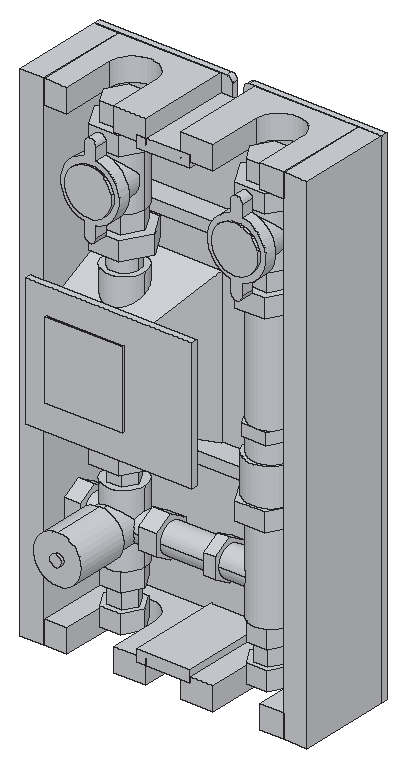
Revit family "330_b01781f8ace54c02891a9181cc79d8", category Mechanical Equipment, Revit 2022
Family settings
  Round Connector Dimension = Use Diameter
  Classification = None
  Part Type = Normal
  Work Plane-Based = No
  Always vertical = Yes
  Cut with Voids When Loaded = No
  Maintain Annotation Orientation = No
  Shared = No
  Room Calculation Point = No
Parameters (values of type "2174 1180EA")
  magiProductId = "b01781f8ace54c02891a9181cc79d8"
  magiProductFamilyId = "b01781f8ace54c02891a9181cc79d8"
  magiPartTypeId = 330
  XC = 62.5 mm
  WL = 225 mm
  W2L__ve = -W2L  # -80 mm
  W2L = 80 mm
  W2 = 85 mm
  W = 170 mm
  VersionID = "2.0/2019.5.23.1/FAR_2174_001"
  R25 = 25.5 mm
  R2 = 12.5 mm
  R15 = 17.5 mm
  R13 = 20.5 mm
  R1 = 12.5 mm
  QmdConnectorList = "301;P2;302;P2;303;P1;304;P1"
  Productdata [instance] = "© MagiCAD Group, all rights reserved"
  PL = 48.571 mm
  P2 = 25 mm
  P1 = 25 mm
  Manufacturer = "FAR"
  MC Shunt Valve Configuration = 0
  MC Shunt Control Valve Location = 0
  MC Product Code = "2174 1180EA"
  MC Primary Sizing Flow [instance] = 0.0 L/s
  MC Primary Given Pressure Drop [instance] = 0.0 Pa
  MC Piping Secondary Pressure Drop [instance] = 0.0 Pa
  MC Piping Secondary Flow [instance] = 0.0 L/s
  MC Piping Flow [instance] = 0.0 L/s
  MC Control Valve kv [instance] = 0
  MC Control Valve Pressure Drop [instance] = 0.0 Pa
  MC Balancing Valve kv [instance] = 0
  MC Balancing Valve Pressure Drop [instance] = 0.0 Pa
  MC Adjustable Valve kv for min dp [instance] = 0
  MC Adjustable Valve kv for max dp [instance] = 0
  MC Adjustable Valve Min Pressure Drop [instance] = 0.0 Pa
  MC Adjustable Valve Max Pressure Drop [instance] = 0.0 Pa
  LH92 = 24.111 mm
  LH9 = 48.222 mm
  LH62 = 31 mm
  LH61 = 94 mm
  LH6 = 62 mm
  LH48 = 141.778 mm
  LH44 = 111.778 mm
  LH42 = 65.889 mm
  LH4 = 131.778 mm
  L5 = 5 mm
  L45__ve = -L45  # -45 mm
  L45 = 45 mm
  L30 = 32 mm
  L22__ve = -L22  # -5 mm
  L222__ve = -L222  # -2 mm
  L222 = 2 mm
  L22 = 5 mm
  L20__ve = -L20  # -20 mm
  L20 = 20 mm
  L2 = 122.5 mm
  L15__ve = -L15  # -16 mm
  L15 = 16 mm
  L10__ve = -L10  # -10 mm
  L10 = 10 mm
  L = 245 mm
  KH = 15 mm
  H2 = 217 mm
  H = 434 mm
  Description = "Booster unit, thermostatic, pump 1-8m, shut-off valv., 180mm"
  Default Elevation = 0 mm
  CenSd_R25_6 = R25 * cos(30.00°)  # 22.084 mm
  CenSd_R1_6 = R1 * cos(30.00°)  # 10.825 mm
  CenSd_R15_6 = R15 * cos(30.00°)  # 15.155 mm
  CenSd_R13_6 = R13 * cos(30.00°)  # 17.754 mm
  CAT0 = yes
  CAT = no
Reference planes
  plane 1 "Center (Front/Back)": y = 0
  plane 2 "XYPLANE": z = 0
  plane 3 "Center (Left/Right)": x = 0
  plane 4 "380": z = 201
  plane 5 "379": z = -11
  plane 6 "376": z = -43
  plane 7 "373": y = -120
  plane 8 "372": x = 27.5
  plane 9 "369": x = -22.5
  plane 10 "368": x = -87.5
  plane 11 "358": y = -85
  plane 12 "350": z = -70
  plane 13 "347": z = 109.778
  plane 14 "342": x = 15
  plane 15 "341": x = 82.5
  plane 16 "340": x = 42.5
  plane 17 "339": x = 102.5
  plane 18 "331": y = -40
  plane 19 "330": y = -5
  plane 20 "329": y = -85
  plane 21 "328": x = -82.5
  plane 22 "327": x = -42.5
  plane 23 "326": x = -15
  plane 24 "325": x = -102.5
  plane 25 "323": x = 112.5
  plane 26 "319": y = -5
  plane 27 "318": x = -112.5
  plane 28 "311": z = -122
  plane 29 "304": x = 57.5
  plane 30 "303": x = 67.5
  plane 31 "296": y = -85
  plane 32 "290": z = 109.889
  plane 33 "289": z = 179.889
  plane 34 "288": z = 144.889
  plane 35 "287": x = -67.5
  plane 36 "286": x = -57.5
  plane 37 "285": z = 119.889
  plane 38 "284": z = 169.889
  plane 39 "281": y = -90
  plane 40 "277": x = -42.5
  plane 41 "274": y = -75
  plane 42 "272": z = 6.889
  plane 43 "271": y = -15
  plane 44 "243": z = 88.778
  plane 45 "240": z = 185
  plane 46 "239": z = 169
  plane 47 "238": z = 120.778
  plane 48 "231": z = 104.778
  plane 49 "228": z = 72.778
  plane 50 "225": z = -59
  plane 51 "222": z = -75
  plane 52 "219": z = -153
  plane 53 "216": z = -91
  plane 54 "215": z = -169
  plane 55 "210": z = -185
  plane 56 "207": z = -201
  plane 57 "202": x = -5
  plane 58 "201": x = 5
  plane 59 "200": x = 122.5
  plane 60 "199": z = -197
  plane 61 "198": z = 197
  plane 62 "126": y = -48.571
  plane 63 "121": x = 62.5
  plane 64 "116": x = -62.5
  plane 65 "84": z = -217
  plane 66 "83": z = 217
  plane 67 "82": x = -122.5
  plane 68 "43": y = 0
  plane 69 "42": x = 0
  plane 70 "41": z = 0
Forms (mm)
  Extrusion 1, solid
    sketch origin (-750, 0, -11) x (1, 0, 0) y (0, 1, 0)
      loop
        line (833, -48.571) -> (822.75, -30.818) -> (802.25, -30.818) -> (792, -48.571) -> (802.25, -66.325) -> (822.75, -66.325) -> (833, -48.571)
    from 0 to 10 <- "L10"
  Extrusion 2, solid
    sketch origin (750, -120, 0) x (-1, 0, 0) y (0, 0, 1)
      loop
        circle (812.5, -122) r 5
    from 0 to -2 <- "L222__ve"
  Extrusion 3, solid
    sketch origin (27.5, -750, 0) x (0, 1, 0) y (0, 0, 1)
      loop
        line (701.429, -104.5) -> (686.273, -113.25) -> (686.273, -130.75) -> (701.429, -139.5) -> (716.584, -130.75) -> (716.584, -113.25) -> (701.429, -104.5)
    from 0 to -10 <- "L10__ve"
  Extrusion 4, solid
    sketch origin (-22.5, -750, 0) x (0, 1, 0) y (0, 0, 1)
      loop
        line (701.429, -104.5) -> (686.273, -113.25) -> (686.273, -130.75) -> (701.429, -139.5) -> (716.584, -130.75) -> (716.584, -113.25) -> (701.429, -104.5)
    from 0 to -16 <- "L15__ve"
  Extrusion 5, solid
    sketch origin (-87.5, -750, 0) x (0, 1, 0) y (0, 0, 1)
      loop
        line (701.429, -104.5) -> (686.273, -113.25) -> (686.273, -130.75) -> (701.429, -139.5) -> (716.584, -130.75) -> (716.584, -113.25) -> (701.429, -104.5)
    from 0 to -16 <- "L15__ve"
  Extrusion 6, solid
    sketch origin (62.5, -750, 0) x (0, 1, 0) y (0, 0, 1)
      loop
        circle (701.429, -122) r 12.5
    from 0 to -150
  Extrusion 7, solid
    sketch origin (750, -75, 0) x (-1, 0, 0) y (0, 0, 1)
      loop
        circle (812.5, -122) r 20.5
    from 0 to -45 <- "L45__ve"
  Extrusion 8, solid
    sketch origin (750, -5, 0) x (-1, 0, 0) y (0, 0, 1)
      loop
        line (727.5, -192) -> (727.5, -202) -> (772.5, -202) -> (772.5, -192) -> (727.5, -192)
    from 0 to -80 <- "W2L__ve"
  Extrusion 9, solid
    sketch origin (750, -5, 0) x (-1, 0, 0) y (0, 0, 1)
      loop
        line (727.5, 202) -> (727.5, 192) -> (772.5, 192) -> (772.5, 202) -> (727.5, 202)
    from 0 to -80 <- "W2L__ve"
  Extrusion 10, solid
    sketch origin (750, -5, 0) x (-1, 0, 0) y (0, 0, 1)
      loop
        line (862.5, -65) -> (637.5, -65) -> (637.5, -75) -> (862.5, -75) -> (862.5, -65)
    from 0 to -20 <- "L20__ve"
  Extrusion 11, solid
    sketch origin (750, -5, 0) x (-1, 0, 0) y (0, 0, 1)
      loop
        line (862.5, 114.778) -> (637.5, 114.778) -> (637.5, 104.778) -> (862.5, 104.778) -> (862.5, 114.778)
    from 0 to -20 <- "L20__ve"
  Extrusion 12, solid
    sketch origin (-750, 0, -217) x (1, 0, 0) y (0, 1, 0)
      loop
        line (765, -5) -> (765, -85) -> (792.5, -85) -> (792.5, -40)
        arc (792.5, -40) -> (812.5, -20) -> (832.5, -40) r 20
        line (832.5, -40) -> (832.5, -85) -> (852.5, -85) -> (852.5, -5) -> (765, -5)
    from 0 to 20 <- "L20"
  Extrusion 13, solid
    sketch origin (-750, 0, 217) x (1, 0, 0) y (0, 1, 0)
      loop
        line (765, -5) -> (765, -85) -> (792.5, -85) -> (792.5, -40)
        arc (792.5, -40) -> (812.5, -20) -> (832.5, -40) r 20
        line (832.5, -40) -> (832.5, -85) -> (852.5, -85) -> (852.5, -5) -> (765, -5)
    from 0 to -20 <- "L20__ve"
  Extrusion 14, solid
    sketch origin (-750, 0, -217) x (1, 0, 0) y (0, 1, 0)
      loop
        line (647.5, -5) -> (647.5, -85) -> (667.5, -85) -> (667.5, -40)
        arc (667.5, -40) -> (687.5, -20) -> (707.5, -40) r 20
        line (707.5, -40) -> (707.5, -85) -> (735, -85) -> (735, -5) -> (647.5, -5)
    from 0 to 20 <- "L20"
  Extrusion 15, solid
    sketch origin (-750, 0, 217) x (1, 0, 0) y (0, 1, 0)
      loop
        line (647.5, -5) -> (647.5, -85) -> (667.5, -85) -> (667.5, -40)
        arc (667.5, -40) -> (687.5, -20) -> (707.5, -40) r 20
        line (707.5, -40) -> (707.5, -85) -> (735, -85) -> (735, -5) -> (647.5, -5)
    from 0 to -20 <- "L20__ve"
  Extrusion 16, solid
    sketch origin (750, -5, 0) x (-1, 0, 0) y (0, 0, 1)
      loop
        line (627.5, 217) -> (627.5, -217) -> (647.5, -217) -> (647.5, 217) -> (627.5, 217)
    from 0 to -80 <- "W2L__ve"
  Extrusion 17, solid
    sketch origin (750, -5, 0) x (-1, 0, 0) y (0, 0, 1)
      loop
        line (852.5, 217) -> (852.5, -217) -> (872.5, -217) -> (872.5, 217) -> (852.5, 217)
    from 0 to -80 <- "W2L__ve"
  Extrusion 18, solid
    sketch origin (750, -75, 0) x (-1, 0, 0) y (0, 0, 1)
      loop
        circle (812.5, -122) r 17.5
    from 0 to 20 <- "L20"
  Extrusion 19, solid
    sketch origin (750, -75, 0) x (-1, 0, 0) y (0, 0, 1)
      loop
        line (692.5, 109.889) -> (692.5, 119.889)
        arc (692.5, 119.889) -> (712.5, 144.889) -> (692.5, 169.889) r 25.625
        line (692.5, 169.889) -> (692.5, 179.889)
        arc (692.5, 179.889) -> (687.5, 184.889) -> (682.5, 179.889) r 5
        line (682.5, 179.889) -> (682.5, 169.889)
        arc (682.5, 169.889) -> (662.5, 144.889) -> (682.5, 119.889) r 25.625
        line (682.5, 119.889) -> (682.5, 109.889)
        arc (682.5, 109.889) -> (687.5, 104.889) -> (692.5, 109.889) r 5
    from 0 to -10 <- "L10__ve"
  Extrusion 20, solid
    sketch origin (750, -75, 0) x (-1, 0, 0) y (0, 0, 1)
      loop
        circle (687.5, 144.889) r 17.5
    from 0 to 20 <- "L20"
  Extrusion 21, solid
    sketch origin (750, -85, 0) x (-1, 0, 0) y (0, 0, 1)
      loop
        circle (687.5, 144.889) r 20
    from 0 to -2 <- "L222__ve"
  Extrusion 22, solid
    sketch origin (750, -85, 0) x (-1, 0, 0) y (0, 0, 1)
      loop
        circle (812.5, 144.889) r 20
    from 0 to -2 <- "L222__ve"
  Extrusion 23, solid
    sketch origin (750, -75, 0) x (-1, 0, 0) y (0, 0, 1)
      loop
        circle (812.5, 144.889) r 17.5
    from 0 to 20 <- "L20"
  Extrusion 24, solid
    sketch origin (750, -75, 0) x (-1, 0, 0) y (0, 0, 1)
      loop
        line (817.5, 109.889) -> (817.5, 119.889)
        arc (817.5, 119.889) -> (837.5, 144.889) -> (817.5, 169.889) r 25.625
        line (817.5, 169.889) -> (817.5, 179.889)
        arc (817.5, 179.889) -> (812.5, 184.889) -> (807.5, 179.889) r 5
        line (807.5, 179.889) -> (807.5, 169.889)
        arc (807.5, 169.889) -> (787.5, 144.889) -> (807.5, 119.889) r 25.625
        line (807.5, 119.889) -> (807.5, 109.889)
        arc (807.5, 109.889) -> (812.5, 104.889) -> (817.5, 109.889) r 5
    from 0 to -10 <- "L10__ve"
  Extrusion 25, solid
    sketch origin (750, -90, 0) x (-1, 0, 0) y (0, 0, 1)
      loop
        line (779.556, 39.833) -> (779.556, -26.056) -> (845.444, -26.056) -> (845.444, 39.833) -> (779.556, 39.833)
    from 0 to -2
  Extrusion 26, solid
    sketch origin (750, -85, 0) x (-1, 0, 0) y (0, 0, 1)
      loop
        line (721.611, 62.778) -> (721.611, -49) -> (863.389, -49) -> (863.389, 62.778) -> (721.611, 62.778)
    from 0 to -5 <- "L22__ve"
  Blend 27, solid
    base sketch origin (750, -15, 0) x (-1, 0, 0) y (0, 0, 1)
      loop
        line (756.611, 72.778) -> (756.611, -59) -> (868.389, -59) -> (868.389, 72.778) -> (756.611, 72.778)
    top sketch origin (750, -15, 0) x (-1, 0, 0) y (0, 0, 1)
      loop
        line (779.556, 39.833) -> (779.556, -26.056) -> (845.444, -26.056) -> (845.444, 39.833) -> (779.556, 39.833)
    from 0 to -70
  Extrusion 28, solid
    sketch origin (-750, 0, -201) x (1, 0, 0) y (0, 1, 0)
      loop
        line (830, -48.571) -> (821.25, -33.416) -> (803.75, -33.416) -> (795, -48.571) -> (803.75, -63.727) -> (821.25, -63.727) -> (830, -48.571)
    from 0 to 16 <- "L15"
  Extrusion 29, solid
    sketch origin (-750, 0, -185) x (1, 0, 0) y (0, 1, 0)
      loop
        line (825, -48.571) -> (818.75, -37.746) -> (806.25, -37.746) -> (800, -48.571) -> (806.25, -59.397) -> (818.75, -59.397) -> (825, -48.571)
    from 0 to 16 <- "L15"
  Extrusion 30, solid
    sketch origin (-750, 0, -169) x (1, 0, 0) y (0, 1, 0)
      loop
        line (830, -48.571) -> (821.25, -33.416) -> (803.75, -33.416) -> (795, -48.571) -> (803.75, -63.727) -> (821.25, -63.727) -> (830, -48.571)
    from 0 to 16 <- "L15"
  Extrusion 31, solid
    sketch origin (-750, 0, -153) x (1, 0, 0) y (0, 1, 0)
      loop
        circle (812.5, -48.571) r 17.5
    from 0 to 94 <- "LH61"
  Extrusion 32, solid
    sketch origin (-750, 0, -75) x (1, 0, 0) y (0, 1, 0)
      loop
        line (838, -48.571) -> (825.25, -26.488) -> (799.75, -26.488) -> (787, -48.571) -> (799.75, -70.655) -> (825.25, -70.655) -> (838, -48.571)
    from 0 to 16 <- "L15"
  Extrusion 33, solid
    sketch origin (-750, 0, -59) x (1, 0, 0) y (0, 1, 0)
      loop
        circle (812.5, -48.571) r 20.5
    from 0 to 32 <- "L30"
  Extrusion 34, solid
    sketch origin (-750, 0, 88.778) x (1, 0, 0) y (0, 1, 0)
      loop
        line (838, -48.571) -> (825.25, -26.488) -> (799.75, -26.488) -> (787, -48.571) -> (799.75, -70.655) -> (825.25, -70.655) -> (838, -48.571)
    from 0 to 16 <- "L15"
  Extrusion 35, solid
    sketch origin (-750, 0, 104.778) x (1, 0, 0) y (0, 1, 0)
      loop
        line (830, -48.571) -> (821.25, -33.416) -> (803.75, -33.416) -> (795, -48.571) -> (803.75, -63.727) -> (821.25, -63.727) -> (830, -48.571)
    from 0 to 16 <- "L15"
  Extrusion 36, solid
    sketch origin (-750, 0, 185) x (1, 0, 0) y (0, 1, 0)
      loop
        line (830, -48.571) -> (821.25, -33.416) -> (803.75, -33.416) -> (795, -48.571) -> (803.75, -63.727) -> (821.25, -63.727) -> (830, -48.571)
    from 0 to 16 <- "L15"
  Extrusion 37, solid
    sketch origin (-750, 0, 169) x (1, 0, 0) y (0, 1, 0)
      loop
        line (838, -48.571) -> (825.25, -26.488) -> (799.75, -26.488) -> (787, -48.571) -> (799.75, -70.655) -> (825.25, -70.655) -> (838, -48.571)
    from 0 to 16 <- "L15"
  Extrusion 38, solid
    sketch origin (-750, 0, 120.778) x (1, 0, 0) y (0, 1, 0)
      loop
        circle (812.5, -48.571) r 17.5
    from 0 to 48.222 <- "LH9"
  Extrusion 39, solid
    sketch origin (-750, 0, -43) x (1, 0, 0) y (0, 1, 0)
      loop
        circle (812.5, -48.571) r 17.5
    from 0 to 131.778 <- "LH4"
  Extrusion 40, solid
    sketch origin (-750, 0, 72.778) x (1, 0, 0) y (0, 1, 0)
      loop
        circle (687.5, -48.571) r 12.5
    from 0 to 16 <- "L15"
  Extrusion 41, solid
    sketch origin (-750, 0, 120.778) x (1, 0, 0) y (0, 1, 0)
      loop
        circle (687.5, -48.571) r 17.5
    from 0 to 48.222 <- "LH9"
  Extrusion 42, solid
    sketch origin (-750, 0, 169) x (1, 0, 0) y (0, 1, 0)
      loop
        line (713, -48.571) -> (700.25, -26.488) -> (674.75, -26.488) -> (662, -48.571) -> (674.75, -70.655) -> (700.25, -70.655) -> (713, -48.571)
    from 0 to 16 <- "L15"
  Extrusion 43, solid
    sketch origin (-750, 0, 185) x (1, 0, 0) y (0, 1, 0)
      loop
        line (705, -48.571) -> (696.25, -33.416) -> (678.75, -33.416) -> (670, -48.571) -> (678.75, -63.727) -> (696.25, -63.727) -> (705, -48.571)
    from 0 to 16 <- "L15"
  Extrusion 44, solid
    sketch origin (-750, 0, 104.778) x (1, 0, 0) y (0, 1, 0)
      loop
        line (705, -48.571) -> (696.25, -33.416) -> (678.75, -33.416) -> (670, -48.571) -> (678.75, -63.727) -> (696.25, -63.727) -> (705, -48.571)
    from 0 to 16 <- "L15"
  Extrusion 45, solid
    sketch origin (-750, 0, 88.778) x (1, 0, 0) y (0, 1, 0)
      loop
        line (713, -48.571) -> (700.25, -26.488) -> (674.75, -26.488) -> (662, -48.571) -> (674.75, -70.655) -> (700.25, -70.655) -> (713, -48.571)
    from 0 to 16 <- "L15"
  Extrusion 46, solid
    sketch origin (-750, 0, -59) x (1, 0, 0) y (0, 1, 0)
      loop
        circle (687.5, -48.571) r 17.5
    from 0 to 131.778 <- "LH4"
  Extrusion 47, solid
    sketch origin (-750, 0, -75) x (1, 0, 0) y (0, 1, 0)
      loop
        line (713, -48.571) -> (700.25, -26.488) -> (674.75, -26.488) -> (662, -48.571) -> (674.75, -70.655) -> (700.25, -70.655) -> (713, -48.571)
    from 0 to 16 <- "L15"
  Extrusion 48, solid
    sketch origin (-750, 0, -91) x (1, 0, 0) y (0, 1, 0)
      loop
        line (700, -48.571) -> (693.75, -37.746) -> (681.25, -37.746) -> (675, -48.571) -> (681.25, -59.397) -> (693.75, -59.397) -> (700, -48.571)
    from 0 to 16 <- "L15"
  Extrusion 49, solid
    sketch origin (-750, 0, -153) x (1, 0, 0) y (0, 1, 0)
      loop
        circle (687.5, -48.571) r 17.5
    from 0 to 62 <- "LH6"
  Extrusion 50, solid
    sketch origin (-750, 0, -169) x (1, 0, 0) y (0, 1, 0)
      loop
        line (705, -48.571) -> (696.25, -33.416) -> (678.75, -33.416) -> (670, -48.571) -> (678.75, -63.727) -> (696.25, -63.727) -> (705, -48.571)
    from 0 to 16 <- "L15"
  Extrusion 51, solid
    sketch origin (-750, 0, -185) x (1, 0, 0) y (0, 1, 0)
      loop
        line (700, -48.571) -> (693.75, -37.746) -> (681.25, -37.746) -> (675, -48.571) -> (681.25, -59.397) -> (693.75, -59.397) -> (700, -48.571)
    from 0 to 16 <- "L15"
  Extrusion 52, solid
    sketch origin (-750, 0, -201) x (1, 0, 0) y (0, 1, 0)
      loop
        line (705, -48.571) -> (696.25, -33.416) -> (678.75, -33.416) -> (670, -48.571) -> (678.75, -63.727) -> (696.25, -63.727) -> (705, -48.571)
    from 0 to 16 <- "L15"
  Extrusion 53, solid
    sketch origin (750, 0, 0) x (-1, 0, 0) y (0, 0, 1)
      loop
        line (872.5, 217) -> (760, 217)
        arc (760, 217) -> (756.464, 215.536) -> (755, 212) r 5
        line (755, 212) -> (755, 197) -> (745, 197) -> (745, 212)
        arc (745, 212) -> (743.536, 215.536) -> (740, 217) r 5
        line (740, 217) -> (627.5, 217) -> (627.5, -217) -> (740, -217)
        arc (740, -217) -> (743.536, -215.536) -> (745, -212) r 5
        line (745, -212) -> (745, -197) -> (755, -197) -> (755, -212)
        arc (755, -212) -> (756.464, -215.536) -> (760, -217) r 5
        line (760, -217) -> (872.5, -217) -> (872.5, 217)
    from 0 to -5 <- "L22__ve"
  Extrusion 54, solid, not visible
    sketch origin (-750, 0, -201) x (1, 0, 0) y (0, 1, 0)
      loop
        circle (812.5, -48.571) r 10
    from 0 to 10
  Extrusion 55, solid, not visible
    sketch origin (-750, 0, -201) x (1, 0, 0) y (0, 1, 0)
      loop
        circle (687.5, -48.571) r 10
    from 0 to 10
  Extrusion 56, solid, not visible
    sketch origin (-750, 0, 201) x (1, 0, 0) y (0, 1, 0)
      loop
        circle (812.5, -48.571) r 10
    from 0 to -10
  Extrusion 57, solid, not visible
    sketch origin (-750, 0, 201) x (1, 0, 0) y (0, 1, 0)
      loop
        circle (687.5, -48.571) r 10
    from 0 to -10
Lines and regions (mm)
  reference lines, not visible
    curve 1: circle (2, 2, 0) r 1 normal (0, 0, 1)
  reference lines
    curve 2: line (62.5, -48.571, -11) -> (57.375, -39.695, -11)
    curve 3: line (62.5, -48.571, -11) -> (52.25, -48.571, -11)
    curve 4: line (62.5, -48.571, -11) -> (57.375, -57.448, -11)
    curve 5: line (27.5, -48.571, -122) -> (27.5, -40.994, -126.375)
    curve 6: line (27.5, -48.571, -122) -> (27.5, -48.571, -130.75)
    curve 7: line (27.5, -48.571, -122) -> (27.5, -56.149, -126.375)
    curve 8: line (-22.5, -48.571, -122) -> (-22.5, -40.994, -126.375)
    curve 9: line (-22.5, -48.571, -122) -> (-22.5, -48.571, -130.75)
    curve 10: line (-22.5, -48.571, -122) -> (-22.5, -56.149, -126.375)
    curve 11: line (-87.5, -48.571, -122) -> (-87.5, -40.994, -126.375)
    curve 12: line (-87.5, -48.571, -122) -> (-87.5, -48.571, -130.75)
    curve 13: line (-87.5, -48.571, -122) -> (-87.5, -56.149, -126.375)
    curve 14: circle (0, -5, -197) r 1 normal (0, -1, 0)
    curve 15: circle (0, -5, 197) r 1 normal (0, -1, 0)
    curve 16: circle (0, -5, -70) r 1 normal (0, -1, 0)
    curve 17: circle (0, -5, 109.778) r 1 normal (0, -1, 0)
    curve 18: line (82.5, -40, -217) -> (42.5, -40, -217)
    curve 19: line (82.5, -40, 217) -> (42.5, -40, 217)
    curve 20: line (-42.5, -40, -217) -> (-82.5, -40, -217)
    curve 21: line (-42.5, -40, 217) -> (-82.5, -40, 217)
    curve 22: circle (112.5, -5, 0) r 1 normal (0, -1, 0)
    curve 23: circle (-112.5, -5, 0) r 1 normal (0, -1, 0)
    curve 24: line (57.5, -75, 109.889) -> (67.5, -75, 109.889)
    curve 25: line (67.5, -75, 119.889) -> (67.5, -75, 169.889)
    curve 26: line (67.5, -75, 179.889) -> (57.5, -75, 179.889)
    curve 27: line (57.5, -75, 169.889) -> (57.5, -75, 119.889)
    curve 28: line (-67.5, -75, 109.889) -> (-57.5, -75, 109.889)
    curve 29: line (-57.5, -75, 119.889) -> (-57.5, -75, 169.889)
    curve 30: line (-57.5, -75, 179.889) -> (-67.5, -75, 179.889)
    curve 31: line (-67.5, -75, 169.889) -> (-67.5, -75, 119.889)
    curve 32: circle (-62.5, -90, 6.889) r 1 normal (0, -1, 0)
    curve 33: circle (-42.5, -85, 6.889) r 1 normal (0, -1, 0)
    curve 34: circle (-62.5, -15, 6.889) r 1 normal (0, 1, 0)
    curve 35: circle (-62.5, -15, 6.889) r 1 normal (0, -1, 0)
    curve 36: line (62.5, -48.571, -201) -> (58.125, -40.994, -201)
    curve 37: line (62.5, -48.571, -201) -> (53.75, -48.571, -201)
    curve 38: line (62.5, -48.571, -201) -> (58.125, -56.149, -201)
    curve 39: line (62.5, -48.571, -185) -> (59.375, -43.159, -185)
    curve 40: line (62.5, -48.571, -185) -> (56.25, -48.571, -185)
    curve 41: line (62.5, -48.571, -185) -> (59.375, -53.984, -185)
    curve 42: line (62.5, -48.571, -169) -> (58.125, -40.994, -169)
    curve 43: line (62.5, -48.571, -169) -> (53.75, -48.571, -169)
    curve 44: line (62.5, -48.571, -169) -> (58.125, -56.149, -169)
    curve 45: line (62.5, -48.571, -75) -> (56.125, -37.53, -75)
    curve 46: line (62.5, -48.571, -75) -> (49.75, -48.571, -75)
    curve 47: line (62.5, -48.571, -75) -> (56.125, -59.613, -75)
    curve 48: line (62.5, -48.571, 88.778) -> (56.125, -37.53, 88.778)
    curve 49: line (62.5, -48.571, 88.778) -> (49.75, -48.571, 88.778)
    curve 50: line (62.5, -48.571, 88.778) -> (56.125, -59.613, 88.778)
    curve 51: line (62.5, -48.571, 104.778) -> (58.125, -40.994, 104.778)
    curve 52: line (62.5, -48.571, 104.778) -> (53.75, -48.571, 104.778)
    curve 53: line (62.5, -48.571, 104.778) -> (58.125, -56.149, 104.778)
    curve 54: line (62.5, -48.571, 185) -> (58.125, -40.994, 185)
    curve 55: line (62.5, -48.571, 185) -> (53.75, -48.571, 185)
    curve 56: line (62.5, -48.571, 185) -> (58.125, -56.149, 185)
    curve 57: line (62.5, -48.571, 169) -> (56.125, -37.53, 169)
    curve 58: line (62.5, -48.571, 169) -> (49.75, -48.571, 169)
    curve 59: line (62.5, -48.571, 169) -> (56.125, -59.613, 169)
    curve 60: line (-62.5, -48.571, 169) -> (-68.875, -37.53, 169)
    curve 61: line (-62.5, -48.571, 169) -> (-75.25, -48.571, 169)
    curve 62: line (-62.5, -48.571, 169) -> (-68.875, -59.613, 169)
    curve 63: line (-62.5, -48.571, 185) -> (-66.875, -40.994, 185)
    curve 64: line (-62.5, -48.571, 185) -> (-71.25, -48.571, 185)
    curve 65: line (-62.5, -48.571, 185) -> (-66.875, -56.149, 185)
    curve 66: line (-62.5, -48.571, 104.778) -> (-66.875, -40.994, 104.778)
    curve 67: line (-62.5, -48.571, 104.778) -> (-71.25, -48.571, 104.778)
    curve 68: line (-62.5, -48.571, 104.778) -> (-66.875, -56.149, 104.778)
    curve 69: line (-62.5, -48.571, 88.778) -> (-68.875, -37.53, 88.778)
    curve 70: line (-62.5, -48.571, 88.778) -> (-75.25, -48.571, 88.778)
    curve 71: line (-62.5, -48.571, 88.778) -> (-68.875, -59.613, 88.778)
    curve 72: line (-62.5, -48.571, -75) -> (-68.875, -37.53, -75)
    curve 73: line (-62.5, -48.571, -75) -> (-75.25, -48.571, -75)
    curve 74: line (-62.5, -48.571, -75) -> (-68.875, -59.613, -75)
    curve 75: line (-62.5, -48.571, -91) -> (-65.625, -43.159, -91)
    curve 76: line (-62.5, -48.571, -91) -> (-68.75, -48.571, -91)
    curve 77: line (-62.5, -48.571, -91) -> (-65.625, -53.984, -91)
    curve 78: line (-62.5, -48.571, -169) -> (-66.875, -40.994, -169)
    curve 79: line (-62.5, -48.571, -169) -> (-71.25, -48.571, -169)
    curve 80: line (-62.5, -48.571, -169) -> (-66.875, -56.149, -169)
    curve 81: line (-62.5, -48.571, -185) -> (-65.625, -43.159, -185)
    curve 82: line (-62.5, -48.571, -185) -> (-68.75, -48.571, -185)
    curve 83: line (-62.5, -48.571, -185) -> (-65.625, -53.984, -185)
    curve 84: line (-62.5, -48.571, -201) -> (-66.875, -40.994, -201)
    curve 85: line (-62.5, -48.571, -201) -> (-71.25, -48.571, -201)
    curve 86: line (-62.5, -48.571, -201) -> (-66.875, -56.149, -201)
Dimensions and locks
  plane 1 "Center (Front/Back)" to curve 1 = 2 mm
  "L15": plane 45 "240" to plane 4 "380"
  "L30": plane 6 "376" to plane 5 "379"
  "L15": plane 50 "225" to plane 6 "376"
  "L45": plane 41 "274" to plane 7 "373"
  locked: plane 9 "369" to plane 8 "372" at 50
  locked: plane 10 "368" to plane 9 "369" at 65
  locked: plane 63 "121" to plane 10 "368" at 150
  locked: plane 43 "271" to plane 11 "358" at 70
  "L5": plane 51 "222" to plane 12 "350"
  "L5": plane 48 "231" to plane 13 "347"
  "L10": plane 58 "201" to plane 14 "342"
  "L20": plane 63 "121" to plane 15 "341"
  "L20": plane 63 "121" to plane 16 "340"
  "L10": plane 25 "323" to plane 17 "339"
  "L45": plane 20 "329" to plane 18 "331"
  "L22": plane 68 "43" to plane 19 "330"
  "W2L": plane 19 "330" to plane 20 "329"
  "L20": plane 64 "116" to plane 21 "328"
  "L20": plane 64 "116" to plane 22 "327"
  "L10": plane 57 "202" to plane 23 "326"
  "L10": plane 27 "318" to plane 24 "325"
  "L10": plane 59 "200" to plane 25 "323"
  "L22": plane 68 "43" to plane 26 "319"
  "L10": plane 67 "82" to plane 27 "318"
  "LH62": plane 52 "219" to plane 28 "311"
  locked: plane 63 "121" to plane 29 "304" at 5
  locked: plane 63 "121" to plane 30 "303" at 5
  "L10": plane 41 "274" to plane 31 "296"
  "L10": plane 37 "285" to plane 32 "290"
  locked: plane 38 "284" to plane 33 "289" at 10
  "LH92": plane 47 "238" to plane 34 "288"
  locked: plane 64 "116" to plane 35 "287" at 5
  locked: plane 64 "116" to plane 36 "286" at 5
  locked: plane 34 "288" to plane 37 "285" at 25
  locked: plane 34 "288" to plane 38 "284" at 25
  "L22": plane 11 "358" to plane 39 "281"
  locked: plane 64 "116" to plane 40 "277" at 20
  locked: plane 43 "271" to plane 41 "274" at 60
  "LH42": plane 50 "225" to plane 42 "272"
  locked: plane 1 "Center (Front/Back)" to plane 43 "271" at 15
  "L15": plane 49 "228" to plane 44 "243"
  "L15": plane 46 "239" to plane 45 "240"
  "LH9": plane 47 "238" to plane 46 "239"
  "L15": plane 48 "231" to plane 47 "238"
  "L15": plane 44 "243" to plane 48 "231"
  "LH4": plane 50 "225" to plane 49 "228"
  "L15": plane 51 "222" to plane 50 "225"
  "L15": plane 53 "216" to plane 51 "222"
  "L15": plane 54 "215" to plane 52 "219"
  "LH6": plane 52 "219" to plane 53 "216"
  "L15": plane 55 "210" to plane 54 "215"
  "L15": plane 56 "207" to plane 55 "210"
  "L15": plane 65 "84" to plane 56 "207"
  "L5": plane 3 "Center (Left/Right)" to plane 57 "202"
  "L5": plane 3 "Center (Left/Right)" to plane 58 "201"
  "L2": plane 3 "Center (Left/Right)" to plane 59 "200"
  locked: plane 65 "84" to plane 60 "199" at 20
  locked: plane 66 "83" to plane 61 "198" at 20
  "PL": plane 1 "Center (Front/Back)" to plane 62 "126"
  "XC": plane 3 "Center (Left/Right)" to plane 63 "121"
  "XC": plane 3 "Center (Left/Right)" to plane 64 "116"
  "H2": plane 2 "XYPLANE" to plane 65 "84"
  "H2": plane 2 "XYPLANE" to plane 66 "83"
  "L2": plane 3 "Center (Left/Right)" to plane 67 "82"
  locked: plane 1 "Center (Front/Back)" to plane 68 "43"
  locked: plane 3 "Center (Left/Right)" to plane 69 "42"
  locked: plane 2 "XYPLANE" to plane 70 "41"
  "CenSd_R13_6": curve 2 to Extrusion 1 sketch curve  (x2)
  "CenSd_R13_6": curve 3 to Extrusion 1 sketch curve  (x2)
  "CenSd_R13_6": curve 4 to Extrusion 1 sketch curve  (x2)
  Extrusion 1 sketch curve to Extrusion 1 sketch curve = 0 mm  (x12)
  "CenSd_R15_6": curve 5 to Extrusion 3 sketch curve  (x2)
  "CenSd_R15_6": curve 6 to Extrusion 3 sketch curve  (x2)
  "CenSd_R15_6": curve 7 to Extrusion 3 sketch curve  (x2)
  Extrusion 3 sketch curve to Extrusion 3 sketch curve = 0 mm  (x12)
  "CenSd_R15_6": curve 8 to Extrusion 4 sketch curve  (x2)
  "CenSd_R15_6": curve 9 to Extrusion 4 sketch curve  (x2)
  "CenSd_R15_6": curve 10 to Extrusion 4 sketch curve  (x2)
  Extrusion 4 sketch curve to Extrusion 4 sketch curve = 0 mm  (x12)
  "CenSd_R15_6": curve 11 to Extrusion 5 sketch curve  (x2)
  "CenSd_R15_6": curve 12 to Extrusion 5 sketch curve  (x2)
  "CenSd_R15_6": curve 13 to Extrusion 5 sketch curve  (x2)
  Extrusion 5 sketch curve to Extrusion 5 sketch curve = 0 mm  (x12)
  equal spacing: Extrusion 8 sketch curve, curve 14, Extrusion 8 sketch curve  (x2)
  "L10": Extrusion 8 sketch curve to Extrusion 8 sketch curve
  "L45": Extrusion 8 sketch curve to Extrusion 8 sketch curve
  Extrusion 8 sketch curve to Extrusion 8 sketch curve = 0 mm  (x8)
  equal spacing: Extrusion 9 sketch curve, curve 15, Extrusion 9 sketch curve  (x2)
  "L10": Extrusion 9 sketch curve to Extrusion 9 sketch curve
  "L45": Extrusion 9 sketch curve to Extrusion 9 sketch curve
  Extrusion 9 sketch curve to Extrusion 9 sketch curve = 0 mm  (x8)
  equal spacing: Extrusion 10 sketch curve, curve 16, Extrusion 10 sketch curve  (x2)
  "WL": Extrusion 10 sketch curve to Extrusion 10 sketch curve
  "L10": Extrusion 10 sketch curve to Extrusion 10 sketch curve
  Extrusion 10 sketch curve to Extrusion 10 sketch curve = 0 mm  (x8)
  equal spacing: Extrusion 11 sketch curve, curve 17, Extrusion 11 sketch curve  (x2)
  "WL": Extrusion 11 sketch curve to Extrusion 11 sketch curve
  "L10": Extrusion 11 sketch curve to Extrusion 11 sketch curve
  Extrusion 11 sketch curve to Extrusion 11 sketch curve = 0 mm  (x8)
  "L20": curve 18 to Extrusion 12 sketch curve
  Extrusion 12 sketch curve to Extrusion 12 sketch curve = 0 mm  (x16)
  "L20": curve 19 to Extrusion 13 sketch curve
  Extrusion 13 sketch curve to Extrusion 13 sketch curve = 0 mm  (x16)
  "L20": curve 20 to Extrusion 14 sketch curve
  Extrusion 14 sketch curve to Extrusion 14 sketch curve = 0 mm  (x16)
  "L20": curve 21 to Extrusion 15 sketch curve
  Extrusion 15 sketch curve to Extrusion 15 sketch curve = 0 mm  (x16)
  equal spacing: Extrusion 16 sketch curve, curve 22, Extrusion 16 sketch curve  (x2)
  "H": Extrusion 16 sketch curve to Extrusion 16 sketch curve
  "L20": Extrusion 16 sketch curve to Extrusion 16 sketch curve
  Extrusion 16 sketch curve to Extrusion 16 sketch curve = 0 mm  (x8)
  equal spacing: Extrusion 17 sketch curve, curve 23, Extrusion 17 sketch curve  (x2)
  "H": Extrusion 17 sketch curve to Extrusion 17 sketch curve
  "L20": Extrusion 17 sketch curve to Extrusion 17 sketch curve
  Extrusion 17 sketch curve to Extrusion 17 sketch curve = 0 mm  (x8)
  "L5": curve 24 to Extrusion 19 sketch curve
  "L20": curve 25 to Extrusion 19 sketch curve
  "L5": curve 26 to Extrusion 19 sketch curve
  "L20": curve 27 to Extrusion 19 sketch curve
  Extrusion 19 sketch curve to Extrusion 19 sketch curve = 0 mm  (x16)
  "L5": curve 28 to Extrusion 24 sketch curve
  "L20": curve 29 to Extrusion 24 sketch curve
  "L5": curve 30 to Extrusion 24 sketch curve
  "L20": curve 31 to Extrusion 24 sketch curve
  Extrusion 24 sketch curve to Extrusion 24 sketch curve = 0 mm  (x16)
  equal spacing: Extrusion 25 sketch curve, curve 32, Extrusion 25 sketch curve  (x2)
  "LH42": Extrusion 25 sketch curve to Extrusion 25 sketch curve  (x2)
  Extrusion 25 sketch curve to Extrusion 25 sketch curve = 0 mm  (x8)
  equal spacing: Extrusion 26 sketch curve, curve 33, Extrusion 26 sketch curve  (x2)
  "LH44": Extrusion 26 sketch curve to Extrusion 26 sketch curve
  "LH48": Extrusion 26 sketch curve to Extrusion 26 sketch curve
  Extrusion 26 sketch curve to Extrusion 26 sketch curve = 0 mm  (x8)
  equal spacing: Blend 27 sketch curve, curve 34, Blend 27 sketch curve  (x2)
  "LH42": Blend 27 sketch curve to Blend 27 sketch curve  (x2)
  Blend 27 sketch curve to Blend 27 sketch curve = 0 mm  (x16)
  equal spacing: Blend 27 sketch curve, curve 35, Blend 27 sketch curve  (x2)
  "LH4": Blend 27 sketch curve to Blend 27 sketch curve
  "LH44": Blend 27 sketch curve to Blend 27 sketch curve
  "CenSd_R15_6": curve 36 to Extrusion 28 sketch curve  (x2)
  "CenSd_R15_6": curve 37 to Extrusion 28 sketch curve  (x2)
  "CenSd_R15_6": curve 38 to Extrusion 28 sketch curve  (x2)
  Extrusion 28 sketch curve to Extrusion 28 sketch curve = 0 mm  (x12)
  "CenSd_R1_6": curve 39 to Extrusion 29 sketch curve  (x2)
  "CenSd_R1_6": curve 40 to Extrusion 29 sketch curve  (x2)
  "CenSd_R1_6": curve 41 to Extrusion 29 sketch curve  (x2)
  Extrusion 29 sketch curve to Extrusion 29 sketch curve = 0 mm  (x12)
  "CenSd_R15_6": curve 42 to Extrusion 30 sketch curve  (x2)
  "CenSd_R15_6": curve 43 to Extrusion 30 sketch curve  (x2)
  "CenSd_R15_6": curve 44 to Extrusion 30 sketch curve  (x2)
  Extrusion 30 sketch curve to Extrusion 30 sketch curve = 0 mm  (x12)
  "CenSd_R25_6": curve 45 to Extrusion 32 sketch curve  (x2)
  "CenSd_R25_6": curve 46 to Extrusion 32 sketch curve  (x2)
  "CenSd_R25_6": curve 47 to Extrusion 32 sketch curve  (x2)
  Extrusion 32 sketch curve to Extrusion 32 sketch curve = 0 mm  (x12)
  "CenSd_R25_6": curve 48 to Extrusion 34 sketch curve  (x2)
  "CenSd_R25_6": curve 49 to Extrusion 34 sketch curve  (x2)
  "CenSd_R25_6": curve 50 to Extrusion 34 sketch curve  (x2)
  Extrusion 34 sketch curve to Extrusion 34 sketch curve = 0 mm  (x12)
  "CenSd_R15_6": curve 51 to Extrusion 35 sketch curve  (x2)
  "CenSd_R15_6": curve 52 to Extrusion 35 sketch curve  (x2)
  "CenSd_R15_6": curve 53 to Extrusion 35 sketch curve  (x2)
  Extrusion 35 sketch curve to Extrusion 35 sketch curve = 0 mm  (x12)
  "CenSd_R15_6": curve 54 to Extrusion 36 sketch curve  (x2)
  "CenSd_R15_6": curve 55 to Extrusion 36 sketch curve  (x2)
  "CenSd_R15_6": curve 56 to Extrusion 36 sketch curve  (x2)
  Extrusion 36 sketch curve to Extrusion 36 sketch curve = 0 mm  (x12)
  "CenSd_R25_6": curve 57 to Extrusion 37 sketch curve  (x2)
  "CenSd_R25_6": curve 58 to Extrusion 37 sketch curve  (x2)
  "CenSd_R25_6": curve 59 to Extrusion 37 sketch curve  (x2)
  Extrusion 37 sketch curve to Extrusion 37 sketch curve = 0 mm  (x12)
  "CenSd_R25_6": curve 60 to Extrusion 42 sketch curve  (x2)
  "CenSd_R25_6": curve 61 to Extrusion 42 sketch curve  (x2)
  "CenSd_R25_6": curve 62 to Extrusion 42 sketch curve  (x2)
  Extrusion 42 sketch curve to Extrusion 42 sketch curve = 0 mm  (x12)
  "CenSd_R15_6": curve 63 to Extrusion 43 sketch curve  (x2)
  "CenSd_R15_6": curve 64 to Extrusion 43 sketch curve  (x2)
  "CenSd_R15_6": curve 65 to Extrusion 43 sketch curve  (x2)
  Extrusion 43 sketch curve to Extrusion 43 sketch curve = 0 mm  (x12)
  "CenSd_R15_6": curve 66 to Extrusion 44 sketch curve  (x2)
  "CenSd_R15_6": curve 67 to Extrusion 44 sketch curve  (x2)
  "CenSd_R15_6": curve 68 to Extrusion 44 sketch curve  (x2)
  Extrusion 44 sketch curve to Extrusion 44 sketch curve = 0 mm  (x12)
  "CenSd_R25_6": curve 69 to Extrusion 45 sketch curve  (x2)
  "CenSd_R25_6": curve 70 to Extrusion 45 sketch curve  (x2)
  "CenSd_R25_6": curve 71 to Extrusion 45 sketch curve  (x2)
  Extrusion 45 sketch curve to Extrusion 45 sketch curve = 0 mm  (x12)
  "CenSd_R25_6": curve 72 to Extrusion 47 sketch curve  (x2)
  "CenSd_R25_6": curve 73 to Extrusion 47 sketch curve  (x2)
  "CenSd_R25_6": curve 74 to Extrusion 47 sketch curve  (x2)
  Extrusion 47 sketch curve to Extrusion 47 sketch curve = 0 mm  (x12)
  "CenSd_R1_6": curve 75 to Extrusion 48 sketch curve  (x2)
  "CenSd_R1_6": curve 76 to Extrusion 48 sketch curve  (x2)
  "CenSd_R1_6": curve 77 to Extrusion 48 sketch curve  (x2)
  Extrusion 48 sketch curve to Extrusion 48 sketch curve = 0 mm  (x12)
  "CenSd_R15_6": curve 78 to Extrusion 50 sketch curve  (x2)
  "CenSd_R15_6": curve 79 to Extrusion 50 sketch curve  (x2)
  "CenSd_R15_6": curve 80 to Extrusion 50 sketch curve  (x2)
  Extrusion 50 sketch curve to Extrusion 50 sketch curve = 0 mm  (x12)
  "CenSd_R1_6": curve 81 to Extrusion 51 sketch curve  (x2)
  "CenSd_R1_6": curve 82 to Extrusion 51 sketch curve  (x2)
  "CenSd_R1_6": curve 83 to Extrusion 51 sketch curve  (x2)
  Extrusion 51 sketch curve to Extrusion 51 sketch curve = 0 mm  (x12)
  "CenSd_R15_6": curve 84 to Extrusion 52 sketch curve  (x2)
  "CenSd_R15_6": curve 85 to Extrusion 52 sketch curve  (x2)
  "CenSd_R15_6": curve 86 to Extrusion 52 sketch curve  (x2)
  Extrusion 52 sketch curve to Extrusion 52 sketch curve = 0 mm  (x12)
  Extrusion 53 sketch curve to Extrusion 53 sketch curve = 0 mm  (x32)
  "L5": radius of Extrusion 2 sketch curve
  "R1": radius of Extrusion 6 sketch curve
  "R13": radius of Extrusion 7 sketch curve
  "R15": radius of Extrusion 18 sketch curve
  "R15": radius of Extrusion 20 sketch curve
  "L20": radius of Extrusion 21 sketch curve
  "L20": radius of Extrusion 22 sketch curve
  "R15": radius of Extrusion 23 sketch curve
  "R15": radius of Extrusion 31 sketch curve
  "R13": radius of Extrusion 33 sketch curve
  "R15": radius of Extrusion 38 sketch curve
  "R15": radius of Extrusion 39 sketch curve
  "R1": radius of Extrusion 40 sketch curve
  "R15": radius of Extrusion 41 sketch curve
  "R15": radius of Extrusion 46 sketch curve
  "R15": radius of Extrusion 49 sketch curve
  "L5": radius of Extrusion 53 sketch curve  (x4)
  locked: curve 3 to curve 2 (angle 60.00°)
  locked: curve 4 to curve 3 (angle 60.00°)
  locked: curve 4 to curve 2 (angle 120.00°)
  locked: curve 6 to curve 5 (angle 60.00°)
  locked: curve 7 to curve 6 (angle 60.00°)
  locked: curve 7 to curve 5 (angle 120.00°)
  locked: curve 9 to curve 8 (angle 60.00°)
  locked: curve 10 to curve 9 (angle 60.00°)
  locked: curve 10 to curve 8 (angle 120.00°)
  locked: curve 12 to curve 11 (angle 60.00°)
  locked: curve 13 to curve 12 (angle 60.00°)
  locked: curve 13 to curve 11 (angle 120.00°)
  locked: curve 37 to curve 36 (angle 60.00°)
  locked: curve 38 to curve 37 (angle 60.00°)
  locked: curve 38 to curve 36 (angle 120.00°)
  locked: curve 40 to curve 39 (angle 60.00°)
  locked: curve 41 to curve 40 (angle 60.00°)
  locked: curve 41 to curve 39 (angle 120.00°)
  locked: curve 43 to curve 42 (angle 60.00°)
  locked: curve 44 to curve 43 (angle 60.00°)
  locked: curve 44 to curve 42 (angle 120.00°)
  locked: curve 46 to curve 45 (angle 60.00°)
  locked: curve 47 to curve 46 (angle 60.00°)
  locked: curve 47 to curve 45 (angle 120.00°)
  locked: curve 49 to curve 48 (angle 60.00°)
  locked: curve 50 to curve 49 (angle 60.00°)
  locked: curve 50 to curve 48 (angle 120.00°)
  locked: curve 52 to curve 51 (angle 60.00°)
  locked: curve 53 to curve 52 (angle 60.00°)
  locked: curve 53 to curve 51 (angle 120.00°)
  locked: curve 55 to curve 54 (angle 60.00°)
  locked: curve 56 to curve 55 (angle 60.00°)
  locked: curve 56 to curve 54 (angle 120.00°)
  locked: curve 58 to curve 57 (angle 60.00°)
  locked: curve 59 to curve 58 (angle 60.00°)
  locked: curve 59 to curve 57 (angle 120.00°)
  locked: curve 61 to curve 60 (angle 60.00°)
  locked: curve 62 to curve 61 (angle 60.00°)
  locked: curve 62 to curve 60 (angle 120.00°)
  locked: curve 64 to curve 63 (angle 60.00°)
  locked: curve 65 to curve 64 (angle 60.00°)
  locked: curve 65 to curve 63 (angle 120.00°)
  locked: curve 67 to curve 66 (angle 60.00°)
  locked: curve 68 to curve 67 (angle 60.00°)
  locked: curve 68 to curve 66 (angle 120.00°)
  locked: curve 70 to curve 69 (angle 60.00°)
  locked: curve 71 to curve 70 (angle 60.00°)
  locked: curve 71 to curve 69 (angle 120.00°)
  locked: curve 73 to curve 72 (angle 60.00°)
  locked: curve 74 to curve 73 (angle 60.00°)
  locked: curve 74 to curve 72 (angle 120.00°)
  locked: curve 76 to curve 75 (angle 60.00°)
  locked: curve 77 to curve 76 (angle 60.00°)
  locked: curve 77 to curve 75 (angle 120.00°)
  locked: curve 79 to curve 78 (angle 60.00°)
  locked: curve 80 to curve 79 (angle 60.00°)
  locked: curve 80 to curve 78 (angle 120.00°)
  locked: curve 82 to curve 81 (angle 60.00°)
  locked: curve 83 to curve 82 (angle 60.00°)
  locked: curve 83 to curve 81 (angle 120.00°)
  locked: curve 85 to curve 84 (angle 60.00°)
  locked: curve 86 to curve 85 (angle 60.00°)
  locked: curve 86 to curve 84 (angle 120.00°)
  aligned and locked: level to plane 2 "XYPLANE"
  aligned and locked: plane 62 "126" to curve 4
  aligned and locked: plane 63 "121" to curve 4
  aligned and locked: plane 28 "311" to Extrusion 2 sketch curve
  aligned and locked: Extrusion 2 sketch curve to plane 64 "116"
  aligned and locked: plane 28 "311" to curve 7
  aligned and locked: curve 7 to plane 62 "126"
  aligned and locked: plane 28 "311" to curve 10
  aligned and locked: curve 10 to plane 62 "126"
  aligned and locked: plane 28 "311" to curve 13
  aligned and locked: curve 13 to plane 62 "126"
  aligned and locked: plane 28 "311" to Extrusion 6 sketch curve
  aligned and locked: Extrusion 6 sketch curve to plane 62 "126"
  aligned and locked: plane 28 "311" to Extrusion 7 sketch curve
  aligned and locked: Extrusion 7 sketch curve to plane 64 "116"
  aligned and locked: plane 60 "199" to curve 14
  aligned and locked: curve 14 to plane 69 "42"
  aligned and locked: plane 61 "198" to curve 15
  aligned and locked: plane 69 "42" to curve 15
  aligned and locked: plane 12 "350" to curve 16
  aligned and locked: curve 16 to plane 69 "42"
  aligned and locked: plane 13 "347" to curve 17
  aligned and locked: plane 69 "42" to curve 17
  aligned and locked: Extrusion 12 sketch curve to plane 19 "330"
  aligned and locked: plane 14 "342" to Extrusion 12 sketch curve  (x2)
  aligned and locked: Extrusion 12 sketch curve to plane 17 "339"
  aligned and locked: plane 19 "330" to Extrusion 12 sketch curve
  aligned and locked: plane 20 "329" to Extrusion 12 sketch curve  (x4)
  aligned and locked: plane 17 "339" to Extrusion 12 sketch curve
  aligned and locked: plane 15 "341" to Extrusion 12 sketch curve
  aligned and locked: plane 18 "331" to Extrusion 12 sketch curve  (x2)
  aligned and locked: plane 18 "331" to curve 18
  aligned and locked: plane 15 "341" to curve 18
  aligned and locked: plane 16 "340" to curve 18
  aligned and locked: Extrusion 12 sketch curve to plane 16 "340"
  aligned and locked: plane 16 "340" to Extrusion 12 sketch curve
  aligned and locked: Extrusion 13 sketch curve to plane 19 "330"
  aligned and locked: plane 14 "342" to Extrusion 13 sketch curve  (x2)
  aligned and locked: Extrusion 13 sketch curve to plane 17 "339"
  aligned and locked: plane 19 "330" to Extrusion 13 sketch curve
  aligned and locked: plane 20 "329" to Extrusion 13 sketch curve  (x4)
  aligned and locked: plane 17 "339" to Extrusion 13 sketch curve
  aligned and locked: plane 15 "341" to Extrusion 13 sketch curve
  aligned and locked: plane 18 "331" to Extrusion 13 sketch curve  (x2)
  aligned and locked: plane 18 "331" to curve 19
  aligned and locked: plane 15 "341" to curve 19
  aligned and locked: plane 16 "340" to curve 19
  aligned and locked: Extrusion 13 sketch curve to plane 16 "340"
  aligned and locked: plane 16 "340" to Extrusion 13 sketch curve
  aligned and locked: Extrusion 14 sketch curve to plane 19 "330"
  aligned and locked: plane 24 "325" to Extrusion 14 sketch curve  (x2)
  aligned and locked: Extrusion 14 sketch curve to plane 23 "326"
  aligned and locked: plane 19 "330" to Extrusion 14 sketch curve
  aligned and locked: plane 20 "329" to Extrusion 14 sketch curve  (x4)
  aligned and locked: plane 23 "326" to Extrusion 14 sketch curve
  aligned and locked: plane 22 "327" to Extrusion 14 sketch curve
  aligned and locked: plane 18 "331" to Extrusion 14 sketch curve  (x2)
  aligned and locked: plane 18 "331" to curve 20
  aligned and locked: plane 22 "327" to curve 20
  aligned and locked: plane 21 "328" to curve 20
  aligned and locked: Extrusion 14 sketch curve to plane 21 "328"
  aligned and locked: plane 21 "328" to Extrusion 14 sketch curve
  aligned and locked: Extrusion 15 sketch curve to plane 19 "330"
  aligned and locked: plane 24 "325" to Extrusion 15 sketch curve  (x2)
  aligned and locked: Extrusion 15 sketch curve to plane 23 "326"
  aligned and locked: plane 19 "330" to Extrusion 15 sketch curve
  aligned and locked: plane 20 "329" to Extrusion 15 sketch curve  (x4)
  aligned and locked: plane 23 "326" to Extrusion 15 sketch curve
  aligned and locked: plane 22 "327" to Extrusion 15 sketch curve
  aligned and locked: plane 18 "331" to Extrusion 15 sketch curve  (x2)
  aligned and locked: plane 18 "331" to curve 21
  aligned and locked: plane 22 "327" to curve 21
  aligned and locked: plane 21 "328" to curve 21
  aligned and locked: Extrusion 15 sketch curve to plane 21 "328"
  aligned and locked: plane 21 "328" to Extrusion 15 sketch curve
  aligned and locked: curve 22 to plane 25 "323"
  aligned and locked: plane 70 "41" to curve 22
  aligned and locked: curve 23 to plane 27 "318"
  aligned and locked: plane 70 "41" to curve 23
  aligned and locked: plane 28 "311" to Extrusion 18 sketch curve
  aligned and locked: Extrusion 18 sketch curve to plane 64 "116"
  aligned and locked: curve 24 to plane 32 "290"
  aligned and locked: plane 29 "304" to curve 24
  aligned and locked: plane 30 "303" to curve 24
  aligned and locked: plane 30 "303" to Extrusion 19 sketch curve  (x2)
  aligned and locked: plane 32 "290" to Extrusion 19 sketch curve  (x2)
  aligned and locked: plane 37 "285" to Extrusion 19 sketch curve  (x2)
  aligned and locked: plane 30 "303" to curve 25
  aligned and locked: plane 37 "285" to curve 25
  aligned and locked: plane 38 "284" to curve 25
  aligned and locked: plane 38 "284" to Extrusion 19 sketch curve  (x2)
  aligned and locked: plane 33 "289" to Extrusion 19 sketch curve  (x2)
  aligned and locked: plane 33 "289" to curve 26
  aligned and locked: plane 30 "303" to curve 26
  aligned and locked: plane 29 "304" to curve 26
  aligned and locked: Extrusion 19 sketch curve to plane 29 "304"  (x2)
  aligned and locked: curve 27 to plane 29 "304"
  aligned and locked: plane 38 "284" to curve 27
  aligned and locked: plane 37 "285" to curve 27
  aligned and locked: plane 34 "288" to Extrusion 20 sketch curve
  aligned and locked: plane 63 "121" to Extrusion 20 sketch curve
  aligned and locked: plane 34 "288" to Extrusion 21 sketch curve
  aligned and locked: plane 63 "121" to Extrusion 21 sketch curve
  aligned and locked: plane 34 "288" to Extrusion 22 sketch curve
  aligned and locked: plane 64 "116" to Extrusion 22 sketch curve
  aligned and locked: plane 34 "288" to Extrusion 23 sketch curve
  aligned and locked: plane 64 "116" to Extrusion 23 sketch curve
  aligned and locked: curve 28 to plane 32 "290"
  aligned and locked: plane 35 "287" to curve 28
  aligned and locked: plane 36 "286" to curve 28
  aligned and locked: plane 36 "286" to Extrusion 24 sketch curve  (x2)
  aligned and locked: plane 32 "290" to Extrusion 24 sketch curve  (x2)
  aligned and locked: plane 37 "285" to Extrusion 24 sketch curve  (x2)
  aligned and locked: plane 36 "286" to curve 29
  aligned and locked: plane 37 "285" to curve 29
  aligned and locked: plane 38 "284" to curve 29
  aligned and locked: plane 38 "284" to Extrusion 24 sketch curve  (x2)
  aligned and locked: plane 33 "289" to Extrusion 24 sketch curve  (x2)
  aligned and locked: plane 33 "289" to curve 30
  aligned and locked: plane 36 "286" to curve 30
  aligned and locked: plane 35 "287" to curve 30
  aligned and locked: Extrusion 24 sketch curve to plane 35 "287"  (x2)
  aligned and locked: curve 31 to plane 35 "287"
  aligned and locked: plane 38 "284" to curve 31
  aligned and locked: plane 37 "285" to curve 31
  aligned and locked: plane 42 "272" to curve 32
  aligned and locked: plane 64 "116" to curve 32
  aligned and locked: plane 40 "277" to curve 33
  aligned and locked: plane 42 "272" to curve 33
  aligned and locked: plane 42 "272" to curve 34
  aligned and locked: plane 64 "116" to curve 34
  aligned and locked: plane 42 "272" to curve 35
  aligned and locked: plane 64 "116" to curve 35
  aligned and locked: Blend 27 to plane 11 "358"
  aligned and locked: plane 62 "126" to curve 38
  aligned and locked: plane 63 "121" to curve 38
  aligned and locked: plane 62 "126" to curve 41
  aligned and locked: plane 63 "121" to curve 41
  aligned and locked: plane 62 "126" to curve 44
  aligned and locked: plane 63 "121" to curve 44
  aligned and locked: plane 62 "126" to Extrusion 31 sketch curve
  aligned and locked: plane 63 "121" to Extrusion 31 sketch curve
  aligned and locked: plane 62 "126" to curve 47
  aligned and locked: plane 63 "121" to curve 47
  aligned and locked: plane 62 "126" to Extrusion 33 sketch curve
  aligned and locked: plane 63 "121" to Extrusion 33 sketch curve
  aligned and locked: plane 62 "126" to curve 50
  aligned and locked: plane 63 "121" to curve 50
  aligned and locked: plane 62 "126" to curve 53
  aligned and locked: plane 63 "121" to curve 53
  aligned and locked: plane 62 "126" to curve 56
  aligned and locked: plane 63 "121" to curve 56
  aligned and locked: plane 62 "126" to curve 59
  aligned and locked: plane 63 "121" to curve 59
  aligned and locked: plane 62 "126" to Extrusion 38 sketch curve
  aligned and locked: plane 63 "121" to Extrusion 38 sketch curve
  aligned and locked: plane 62 "126" to Extrusion 39 sketch curve
  aligned and locked: plane 63 "121" to Extrusion 39 sketch curve
  aligned and locked: plane 62 "126" to Extrusion 40 sketch curve
  aligned and locked: plane 64 "116" to Extrusion 40 sketch curve
  aligned and locked: plane 62 "126" to Extrusion 41 sketch curve
  aligned and locked: plane 64 "116" to Extrusion 41 sketch curve
  aligned and locked: plane 62 "126" to curve 61
  aligned and locked: plane 64 "116" to curve 61
  aligned and locked: plane 62 "126" to curve 64
  aligned and locked: plane 64 "116" to curve 64
  aligned and locked: plane 62 "126" to curve 67
  aligned and locked: plane 64 "116" to curve 67
  aligned and locked: plane 62 "126" to curve 70
  aligned and locked: plane 64 "116" to curve 70
  aligned and locked: plane 62 "126" to Extrusion 46 sketch curve
  aligned and locked: plane 64 "116" to Extrusion 46 sketch curve
  aligned and locked: plane 62 "126" to curve 73
  aligned and locked: plane 64 "116" to curve 73
  aligned and locked: plane 62 "126" to curve 77
  aligned and locked: plane 64 "116" to curve 77
  aligned and locked: plane 62 "126" to Extrusion 49 sketch curve
  aligned and locked: plane 64 "116" to Extrusion 49 sketch curve
  aligned and locked: plane 62 "126" to curve 79
  aligned and locked: plane 64 "116" to curve 79
  aligned and locked: plane 62 "126" to curve 82
  aligned and locked: plane 64 "116" to curve 82
  aligned and locked: plane 62 "126" to curve 85
  aligned and locked: plane 64 "116" to curve 85
  aligned and locked: Extrusion 53 sketch curve to plane 66 "83"  (x2)
  aligned and locked: plane 67 "82" to Extrusion 53 sketch curve
  aligned and locked: Extrusion 53 sketch curve to plane 57 "202"  (x2)
  aligned and locked: plane 61 "198" to Extrusion 53 sketch curve  (x2)
  aligned and locked: plane 57 "202" to Extrusion 53 sketch curve
  aligned and locked: plane 58 "201" to Extrusion 53 sketch curve
  aligned and locked: plane 59 "200" to Extrusion 53 sketch curve
  aligned and locked: plane 66 "83" to Extrusion 53 sketch curve
  aligned and locked: plane 65 "84" to Extrusion 53 sketch curve  (x3)
  aligned and locked: Extrusion 53 sketch curve to plane 59 "200"
  aligned and locked: Extrusion 53 sketch curve to plane 58 "201"  (x2)
  aligned and locked: plane 60 "199" to Extrusion 53 sketch curve  (x2)
  aligned and locked: Extrusion 53 sketch curve to plane 67 "82"
  aligned and locked: plane 62 "126" to Extrusion 54 sketch curve
  aligned and locked: plane 63 "121" to Extrusion 54 sketch curve
  aligned and locked: plane 62 "126" to Extrusion 55 sketch curve
  aligned and locked: plane 64 "116" to Extrusion 55 sketch curve
  aligned and locked: plane 62 "126" to Extrusion 56 sketch curve
  aligned and locked: plane 63 "121" to Extrusion 56 sketch curve
  aligned and locked: plane 62 "126" to Extrusion 57 sketch curve
  aligned and locked: plane 64 "116" to Extrusion 57 sketch curve
Automatic sketch dimensions
  Extrusion 54 sketch curve to Extrusion 54 sketch curve = 10 mm
  Extrusion 55 sketch curve to Extrusion 55 sketch curve = 10 mm
  Extrusion 56 sketch curve to Extrusion 56 sketch curve = 10 mm
  Extrusion 57 sketch curve to Extrusion 57 sketch curve = 10 mm
  plane 3 "Center (Left/Right)" to curve 1 = 2 mm
  Extrusion 8 sketch curve to plane 9 "369" = 0 mm
  Extrusion 8 sketch curve to plane 56 "207" = 1 mm
  Extrusion 9 sketch curve to plane 9 "369" = 0 mm
  Extrusion 9 sketch curve to plane 61 "198" = 5 mm
  Extrusion 10 sketch curve to plane 25 "323" = 0 mm
  Extrusion 10 sketch curve to plane 51 "222" = 0 mm
  Extrusion 11 sketch curve to plane 25 "323" = 0 mm
  Extrusion 11 sketch curve to plane 48 "231" = 0 mm
  Extrusion 16 sketch curve to plane 59 "200" = 0 mm
  Extrusion 16 sketch curve to plane 65 "84" = 0 mm
  Extrusion 17 sketch curve to plane 24 "325" = 0 mm
  Extrusion 17 sketch curve to plane 65 "84" = 0 mm
  Extrusion 25 sketch curve to plane 9 "369" = 7.056 mm
  Extrusion 25 sketch curve to plane 5 "379" = 15.056 mm
  plane 8 "372" to Extrusion 26 sketch curve = 0.889 mm
  Extrusion 26 sketch curve to plane 6 "376" = 6 mm
  Blend 27 sketch curve to plane 49 "228" = 0 mm
  Blend 27 sketch curve to plane 57 "202" = 1.611 mm
  Blend 27 sketch curve to plane 9 "369" = 7.056 mm
  Blend 27 sketch curve to plane 5 "379" = 15.056 mm
  radius of curve 14 = 1 mm
  radius of curve 15 = 1 mm
  radius of curve 16 = 1 mm
  radius of curve 17 = 1 mm
  radius of curve 22 = 1 mm
  radius of curve 23 = 1 mm
  radius of curve 32 = 1 mm
  radius of curve 33 = 1 mm
  radius of curve 34 = 1 mm
  radius of curve 35 = 1 mm
  radius of curve 1 = 1 mm
Connectors
  piping at (-62.5, -48.571, -201), diameter 25, driven by "MC Piping Flow", driven by "P2"
    settings: on Extrusion 55, index 1, connector inside diameter 609.6 mm, connector length 0 mm, flow factor 0, pipe flow 0.0 L/s, pressure drop 0.0 Pa, fitting loss kfactor 0, connector angle 0.00°, fixture units 0, engagement length 0 mm, angle of deflection 0.00°, flow configuration 1, flow direction 1, fitting loss method 4, system type 7, joint type 0, gender type 0, connector reference index -1, connector utility 0, adjustable connector no, is connector primary yes, connector description "301"
  piping at (62.5, -48.571, -201), diameter 25, driven by "MC Piping Flow", driven by "P2"
    settings: on Extrusion 54, index 2, connector inside diameter 609.6 mm, connector length 0 mm, flow factor 0, pipe flow 0.0 L/s, pressure drop 0.0 Pa, fitting loss kfactor 0, connector angle 0.00°, fixture units 0, engagement length 0 mm, angle of deflection 0.00°, flow configuration 1, flow direction 2, fitting loss method 4, system type 8, joint type 0, gender type 0, connector reference index -1, connector utility 0, adjustable connector no, is connector primary no, connector description "302"
  piping at (-62.5, -48.571, 201), diameter 25, driven by "P1"
    settings: on Extrusion 57, index 3, connector inside diameter 609.6 mm, connector length 0 mm, flow factor 0, pipe flow 0.0 L/s, pressure drop 0.0 Pa, fitting loss kfactor 0, connector angle 0.00°, fixture units 0, engagement length 0 mm, angle of deflection 0.00°, flow configuration 0, flow direction 2, fitting loss method 0, system type 7, joint type 0, gender type 0, connector reference index -1, connector utility 0, adjustable connector no, is connector primary no, connector description "303"
  piping at (62.5, -48.571, 201), diameter 25, driven by "P1"
    settings: on Extrusion 56, index 4, connector inside diameter 609.6 mm, connector length 0 mm, flow factor 0, pipe flow 0.0 L/s, pressure drop 0.0 Pa, fitting loss kfactor 0, connector angle 0.00°, fixture units 0, engagement length 0 mm, angle of deflection 0.00°, flow configuration 0, flow direction 1, fitting loss method 0, system type 8, joint type 0, gender type 0, connector reference index -1, connector utility 0, adjustable connector no, is connector primary no, connector description "304"
